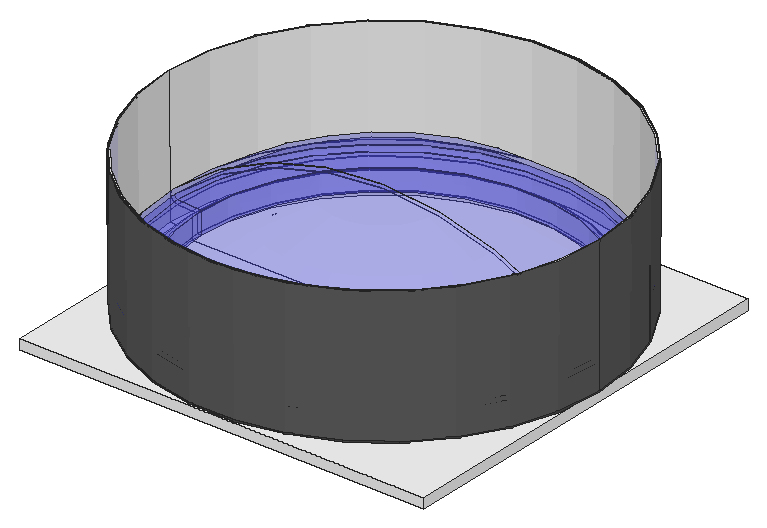
Revit family "BE_51014.2_de_DE", category Leuchten, Revit 2020
Family settings
  Basisbauteil = Fläche
  Bemaßung runder Anschluss = Durchmesser verwenden
  Teiletyp = Normal
  Beim Laden mit Abzugskörper schneiden = Ja
  Lichtquelle = Ja
  Gemeinsam genutzt = Nein
  Raumberechnungspunkt = Ja
Parameters (values of type "BEGA_51014.2_K3")
  built-in parameter 1150104 = 14.034 (stored number, unit not read)
  Wattage = 42.6 W
  Default Elevation = 0 mm
  built-in parameter 1150113 = 1 (stored number, unit not read)
  built-in parameter 1114218 = 1 (stored number, unit not read)
  Umgebungstemperatur = "25 °C"
  URL = "https://www.bega.com/de/produkt/51014.2"
  Typenkommentare = "© 2022 BEGA. Wir behalten uns das Recht vor, technische Änderungen ohne vorherige Ankündigung vorzunehmen."  # constant formula
  built-in parameter 1150134 = (empty or 0)
  built-in parameter 1150109 = 1 (stored number, unit not read)
  Strom = ""
  built-in parameter 1150110 = 1 (stored number, unit not read)
  Spannung = 239.996 V
  Sonderanfertigung = no
  Seriennummer [instance] = "Hier können Sie die eindeutige Seriennummer für das Facility Management eintragen."
  Schutzklasse = "I"
  Schutzart = "IP 20"
  Scheinlast = 0 VA
  Produktdatenblatt = "https://cdn.bega.com/bega/products/51014.2K3/current/documents/data-sheets/de"
  Oberflächentemperatur = ""
  Neigungswinkel = 0.00°
  Modell = "51014.2K3"
  Material_35 = BEGA_Oberfläche_Samtschwarz_matt
  Material_34 = BEGA_Oberfläche_Samtweiss_matt
  Material_22 = BEGA_Oberfläche_Aluminium_matt
  Material_17 = BEGA_Reflektor
  Material_15 = BEGA_Leuchtmedium_matt
  Material_11 = BEGA_Glas_opal
  Material_09 = BEGA_Glas_klar
  Material_06 = BEGA_Oberfläche_Edelstahl_gebürstet
  Material_03 = BEGA_Oberfläche_Weiss_matt
  Material_02 = BEGA_Oberfläche_Silber_matt
  Material_01 [instance] = BEGA_Oberfläche_Grafit_matt
  M_W = no
  M_G = no
  M_A = no
  Logo = 0
  built-in parameter 1114217 = 1 (stored number, unit not read)
  built-in parameter 1150139 = (empty or 0)
  built-in parameter 1150105 = 512.09 (stored number, unit not read)
  built-in parameter 1150114 = 1 (stored number, unit not read)
  Lumens = 6435.16 lm
  built-in parameter 1150115 = 1 (stored number, unit not read)
  Leuchtenlichtstrom = "3918 lm"
  Leuchtenanzahl = ""
  Lebensdauerkriterien = "L70B50 @ 25 °C = 200000 h"
  Lastklassifizierung = Beleuchtung
  built-in parameter 1150112 = 1 (stored number, unit not read)
  Lampenlichtstrom = "6435 lm"
  Lampe = "LED 42.6 W"
  LED_Modulbezeichnung = "LED-0630/930"
  Hersteller = "BEGA"  # constant formula
  Halbstreuwinkel = ""
  Gewicht = "2.95 kg"
  Gebrauchslageneinschränkung [instance] = ""
  Frequenz = "0/50-60 Hz"
  Farbwiedergabeindex = "CRI > 90"
  Farbtemperaturverschiebung bei Dämpfen der Lampe = <Keine Auswahl>
  Farbtemperatur = "3000 K"
  Color Filter = 16777215
  built-in parameter 1150133 = 10 (stored number, unit not read)
  Energieeffizienzklasse = "LED A++ - A"
  built-in parameter 1150137 = (empty or 0)
  built-in parameter 1150132 = (empty or 0)
  ENEC = "ja"
  Dimmbar [instance] = "DALI"
  Datei für fotometrisches Netz = "BE_51014-2K3.ies"
  CE_Konformität = "ja"
  Bestellnummer = "51014.2K3"
  Beschreibung_Sonderanfertigung = "Hier können Sie Informationen zur Sonderanfertigung eintragen."
  Beschreibung = "Deckenleuchte"
  built-in parameter 1150106 = 5.1209 (stored number, unit not read)
  Befestigungsbohrung = "Ø 6 mm"
  Befestigungsabstand = "340 mm"
  Ballwurfsicher = ""
  BEGA_Intern_aus = yes
  BEGA_Intern_an = yes
  BEGA_Intern_Konstruktion = yes
  BEGA_Intern = yes
  BEGA_IES = yes
  BEGA_Dummy = no
  Anschlussleitung = ""
  Anschlussleistung [instance] = "47.4 W"
  Anschlusskasten = ""
  built-in parameter 1150107 = 3000 (stored number, unit not read)
  built-in parameter 1150102 = (empty or 0)
  built-in parameter 1150138 = (empty or 0)
  Aktualisierung = "2022-06-20T04:00:08"
  Abstand_zur_angestrahlten_Fläche [instance] = ""
  AC/DC = "AC/DC"
Reference planes
  plane 1 "Mitte (Vorne/Hinten)": y = 0
  plane 2: z = 0
  plane 3 "Mitte (Links/Rechts)": x = 0
  plane 4 "Links": x = -213.964
  plane 5 "Rechts": x = 213.964
  plane 6 "Unten": y = -213.964
  plane 7 "Oben": y = 213.964
  plane 8 "Vorne": z = 144.998
Forms (mm)
  Extrusion 1, solid, material "BEGA_Platte_Weiss"
    sketch origin (0, -1119.2, 0) x (1, 0, 0) y (0, 1, 0)
      loop
        line (-200, 1319.2) -> (-200, 919.2) -> (200, 919.2) -> (200, 1319.2) -> (-200, 1319.2)
    from 0 to -10
  Extrusion 2, solid, material "BEGA_Dummy_matt", visible <- "BEGA_Dummy"
    sketch origin (77.149, -76.023, 0) x (1, 0, 0) y (0, 1, 0)
      loop
        circle (-77.149, 76.023) r 213.964
    from 0 to 144.998
Dimensions and locks
  plane 1 "Mitte (Vorne/Hinten)" to Extrusion 1 = 200 mm
  aligned and locked: plane 2 to Extrusion 1
  aligned and locked: level to Extrusion 1
Nested families
  nested 1: "BE_51014" at (0, 0, 0), type "BE_51014"
Connectors
  electrical at (0, 0, 0), driven by "Lastklassifizierung", driven by "Spannung", driven by "Scheinlast"
    settings: index 1, voltage 239.996 V, apparent load 0 VA, apparent load phase1 0 VA, apparent load phase2 0 VA, apparent load phase3 0 VA, power factor 1, load classification "Beleuchtung", number of poles 1, system type 31, power factor state 1, is connector primary yes, connector utility no, sub classification motor no, connector description ""
Definition of nested family "BE_51014"
  Parameters (values of type "BE_51014")
    Default Elevation = 1 mm
    URL = "http://www.bega.de/de/produkt"
    Type Comments = "© 2015 BEGA. Wir behalten uns das Recht vor, technische Änderungen ohne vorherige Ankündigung vorzunehmen. "  # constant formula
    Type Image = (empty or 0)
    Neigungswinkel_um_Z2 = 0.00°
    Neigungswinkel_um_Z1 = 0.00°
    Neigungswinkel_um_Y2 = 0.00°
    Neigungswinkel_um_Y1 = 0.00°
    Neigungswinkel_um_X2 = 0.00°
    Neigungswinkel_um_X1 = 0.00°
    Material_35 = none
    Material_34 = none
    Material_22 = none
    Material_17 = none
    Material_15 = none
    Material_11 = none
    Material_09 = none
    Material_06 = none
    Material_01 = none
    M_W = yes
    M_G = yes
    M_A = yes
    Länge_Platte = 200 mm  # constant formula
    Höhe_Platte = -10 mm  # constant formula
    Manufacturer = "BEGA"  # constant formula
    Drehwinkel_um_Z2 = 0.00°
    Drehwinkel_um_Z1 = 0.00°
    Breite_Platte = 200 mm  # constant formula
  Reference planes
    plane 1 "Mitte (Oben/Unten)": y = 0
    plane 2: z = 0
    plane 3 "Mitte (Links/Rechts)": x = 0
    plane 4: x = 213.964
    plane 5: y = -213.964
    plane 6: x = -213.964
    plane 7: y = 213.964
    plane 8: z = 144.998
  Forms (mm)
    Extrusion 1, solid, detail levels medium
      sketch origin (0, 0, 0) x (1, 0, 0) y (0, 1, 0)
        loop
          line (-100, 100) -> (-100, -100) -> (100, -100) -> (100, 100) -> (-100, 100)
      from 0 to -10 <- "Höhe_Platte"
    Revolve 2, solid, material <- "Material_11"
      sketch origin (0, 0, 0) x (1, 0, 0) y (0, 0, 1)
        loop
          arc (0, 119) -> (-110.735, 99.23) -> (-207.786, 42.362) r 319.999
          arc (-207.786, 42.362) -> (-209.896, 34.783) -> (-203.629, 30.029) r 7
          line (-203.629, 30.029) -> (-184, 29) -> (-184, 10.5) -> (-180.1, 10.5) -> (-180.1, 32.801) -> (-203.42, 34.023)
          arc (-203.42, 34.023) -> (-206.095, 36.03) -> (-205.252, 39.266) r 3
          arc (-205.252, 39.266) -> (-109.389, 95.462) -> (0, 115) r 315.999
          line (0, 115) -> (0, 119)
        axis (0, 119) -> (0, 10.5)
      angle from 0 to 360
    Revolve 3, solid, material <- "Material_35"
      sketch origin (0, 0, 0) x (1, 0, 0) y (0, 0, 1)
        loop
          line (-213.111, 144.995) -> (-213.964, 144.995) -> (-213.498, 11.496)
          arc (-213.498, 11.496) -> (-212.909, 10.082) -> (-211.492, 9.5) r 1.998
          line (-211.492, 9.5) -> (-193.114, 9.5) -> (-193, 2.956)
          arc (-193, 2.956) -> (-192.1, 0.863) -> (-189.991, 0) r 3.009
          line (-189.991, 0) -> (-181, 0) -> (-181, 2.5) -> (-190.991, 2.5) -> (-191.133, 10.623) -> (-212.642, 10.623) -> (-213.111, 144.995)
        axis (0, 144.995) -> (0, 0)
      angle from 0 to 360
    Revolve 4, solid, material <- "Material_34"
      sketch origin (0, 0, 0) x (1, 0, 0) y (0, 0, 1)
        loop
          line (-190.633, 2.5) -> (0, 2.5) -> (0, 3.5) -> (-189.65, 3.5) -> (-190.038, 25.714) -> (-191.038, 25.714) -> (-190.633, 2.5)
        axis (0, 25.714) -> (0, 2.5)
      angle from 0 to 360
    Revolve 5, solid, material <- "Material_22"
      sketch origin (0, 0, 0) x (1, 0, 0) y (0, 0, 1)
        loop
          line (-213.158, 144.998) -> (-212.689, 10.647) -> (-191.228, 10.647) -> (-191.228, 11.496) -> (-211.887, 11.496) -> (-212.353, 144.998) -> (-213.158, 144.998)
        axis (0, 144.998) -> (0, 10.647)
      angle from 0 to 360
  Dimensions and locks
    equal spacing: Extrusion 1 sketch curve, plane 3 "Mitte (Links/Rechts)", Extrusion 1 sketch curve
    equal spacing: Extrusion 1 sketch curve, plane 1 "Mitte (Oben/Unten)", Extrusion 1 sketch curve
    "Länge_Platte": Extrusion 1 sketch curve to Extrusion 1 sketch curve
    "Breite_Platte": Extrusion 1 sketch curve to Extrusion 1 sketch curve
    aligned and locked: plane 2 to Extrusion 1
    aligned and locked: level to Extrusion 1
  Automatic sketch dimensions
    Revolve 2 sketch curve to plane 3 "Mitte (Links/Rechts)" = 0 mm
    Revolve 2 sketch curve to plane 3 "Mitte (Links/Rechts)" = 0.001 mm
    plane 3 "Mitte (Links/Rechts)" to Revolve 2 sketch curve = 0 mm
    Revolve 2 sketch curve to level = 200.999 mm
    Revolve 2 sketch curve to Revolve 2 sketch curve = 0.001 mm
    level to Revolve 2 sketch curve = 39.266 mm
    Revolve 2 sketch curve to Revolve 2 sketch curve = 2.535 mm
    level to Revolve 2 sketch curve = 115 mm
    Revolve 2 sketch curve to Revolve 2 sketch curve = 3.096 mm
    Revolve 2 sketch curve to Revolve 2 sketch curve = 1.988 mm
    Revolve 2 sketch curve to Revolve 2 sketch curve = 2.246 mm
    Revolve 2 sketch curve to Revolve 2 sketch curve = 0.366 mm
    Revolve 2 sketch curve to Revolve 2 sketch curve = 0 mm  (x4)
    Revolve 2 sketch curve to Revolve 2 sketch curve = 0.157 mm
    level to Revolve 2 sketch curve = 10.5 mm
    Revolve 2 sketch curve to Revolve 2 sketch curve = 19.629 mm
    Revolve 2 sketch curve to Revolve 2 sketch curve = 3.9 mm
    level to Revolve 2 sketch curve = 30.029 mm
    level to Revolve 2 sketch curve = 34.023 mm
    level to Revolve 2 sketch curve = 29 mm
    level to Revolve 2 sketch curve = 32.801 mm
    Revolve 4 sketch curve to plane 3 "Mitte (Links/Rechts)" = 0 mm
    level to Revolve 4 sketch curve = 3.5 mm
    Revolve 4 sketch curve to Revolve 4 sketch curve = 189.65 mm
    level to Revolve 4 sketch curve = 2.5 mm
    Revolve 4 sketch curve to Revolve 4 sketch curve = 0.983 mm
    Revolve 4 sketch curve to Revolve 4 sketch curve = 0.388 mm
    level to Revolve 4 sketch curve = 25.714 mm
    Revolve 4 sketch curve to Revolve 4 sketch curve = 1 mm
    Revolve 3 sketch curve to level = 0 mm
    Revolve 3 sketch curve to plane 3 "Mitte (Links/Rechts)" = 0 mm
    Revolve 3 sketch curve to plane 3 "Mitte (Links/Rechts)" = 181 mm
    level to Revolve 3 sketch curve = 3.009 mm
    Revolve 3 sketch curve to Revolve 3 sketch curve = 8.991 mm
    Revolve 3 sketch curve to Revolve 3 sketch curve = 1 mm
    level to Revolve 3 sketch curve = 9.5 mm
    Revolve 3 sketch curve to Revolve 3 sketch curve = 3.123 mm
    Revolve 3 sketch curve to Revolve 3 sketch curve = 0.008 mm
    Revolve 3 sketch curve to Revolve 3 sketch curve = 1.142 mm
    Revolve 3 sketch curve to Revolve 3 sketch curve = 1.611 mm
    Revolve 3 sketch curve to Revolve 3 sketch curve = 0.856 mm
    Revolve 3 sketch curve to Revolve 3 sketch curve = 0.853 mm
    Revolve 3 sketch curve to Revolve 3 sketch curve = 2.5 mm
    Revolve 3 sketch curve to Revolve 3 sketch curve = 0.873 mm
    Revolve 3 sketch curve to Revolve 3 sketch curve = 133.499 mm
    Revolve 3 sketch curve to Revolve 3 sketch curve = 0 mm  (x3)
    level to Revolve 3 sketch curve = 10.623 mm
    Revolve 3 sketch curve to Revolve 3 sketch curve = 2.008 mm
    level to Revolve 3 sketch curve = 2.956 mm
    Revolve 3 sketch curve to Revolve 3 sketch curve = 1.981 mm
    Revolve 3 sketch curve to level = 413.745 mm
    Revolve 3 sketch curve to Revolve 3 sketch curve = 639.873 mm
    Revolve 3 sketch curve to Revolve 3 sketch curve = 20.358 mm
    Revolve 5 sketch curve to plane 3 "Mitte (Links/Rechts)" = 213.158 mm
    Revolve 5 sketch curve to Revolve 5 sketch curve = 0.804 mm
    level to Revolve 5 sketch curve = 10.647 mm
    Revolve 5 sketch curve to Revolve 5 sketch curve = 21.125 mm
    Revolve 5 sketch curve to Revolve 5 sketch curve = 134.35 mm
    Revolve 5 sketch curve to Revolve 5 sketch curve = 21.46 mm
    Revolve 5 sketch curve to Revolve 5 sketch curve = 0.801 mm
    Revolve 5 sketch curve to Revolve 5 sketch curve = 0.849 mm
